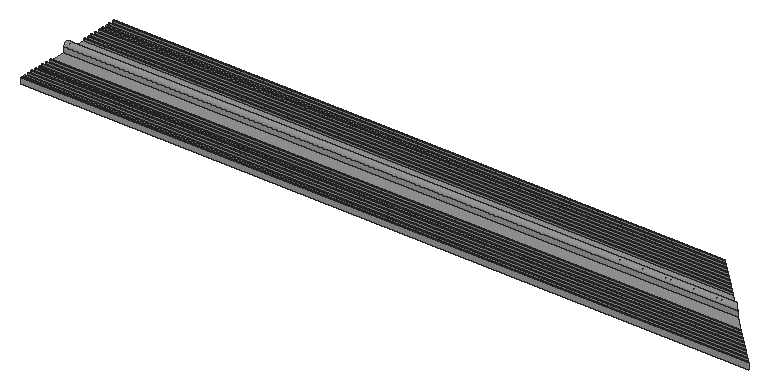
Revit family "PVC978_9 Inch Tearweb PVC Waterstop", category Specialty Equipment, Revit 2019
Family settings
  Round Connector Dimension = Use Diameter
  Part Type = Normal
  OmniClass Number = 23.10.00.00
  OmniClass Title = Site Products
  Cut with Voids When Loaded = No
  Shared = No
  Room Calculation Point = No
Parameters (values of type "PVC978 - Horizontal")
  z_Vertical = no
  z_Left Cut Distance [instance] = if([Left Cut 45° Tee-Cross], 0.00", 3.00")  # 3.00"
  z_Horizontal = yes
  z_Distance 3 [instance] = if(Ellbow Cut, 4.00", 15.00")  # 4.00"
  z_Distance 2 [instance] = if(and(Corner Cut, z_Vertical), 0.44", 5.00")  # 5.00"
  z_Distance 1 [instance] = if([Right Cut 45° Tee-Cross], 5.00", 10.00")  # 10.00"
  z_Distance [instance] = if([Left Cut 45° Tee-Cross], 5.00", 10.00")  # 10.00"
  z_Cut Distance [instance] = if(z_Distance 2 = 0.44", 0.44", 0.00")  # 0.00"
  Width = 9.00"
  Weight = "1.2 lbs/lft"
  URL = "https://www.jpspecialties.com/"
  z_Right Cut Distance [instance] = if([Right Cut 45° Tee-Cross], 0.00", 3.00")  # 3.00"
  Telephone = "951-763-7077"
  Right Cut 45° Tee-Cross [instance] = no
  Product data url = "www.bimmodeller.com/jpspecialties/products/Polyvinyl-Chloride-PVC-Waterstop"
  Product Material = JP Specialties - Polyvinyl Chloride (PVC)
  Product Guid = "27e5cdcc-cece-4d8c-947d-ca6b8ef269ba"  # constant formula
  NOTE [instance] = "Elbow Cut and Tee-Cross cuts cannot be checked at the same time"  # constant formula
  Model = "PVC978"
  Materials = PVC
  Manufacturer = "J P Specialties Inc."  # constant formula
  built-in parameter 1001306 [instance] = 48.00"
  Left Cut 45° Tee-Cross [instance] = no
  z_Ellbow Cut Distance [instance] = if(Ellbow Cut, 0.00", 3.00")  # 0.00"
  z_Ellbow Cut Sweep Distance [instance] = if(Ellbow Cut, 3.00", 0.00")  # 3.00"
  Hydrophobic = "Yes"
  Hydrophilic = "No"
  Height = 0.88"
  Ellbow Cut [instance] = yes
  Keynote = "13000"
  Edition number = 1
  Description = "PVC978 is 9\" x 3/16\" x 50' Earth Shield PVC tearweb waterstop."
  Corner Cut [instance] = no
  Certifications = "NSF 61, NSF 372, CRD C-572-74, ASTM D558"
  Assembly Code = "F1030"
Types (2): name | z_Vertical | z_Horizontal
  PVC978 - Horizontal | no | yes
  PVC978 - Vertical | yes | no
Reference planes (in)
  plane 1 "Center (Front/Back)": y = 0
  plane 2: z = 0
  plane 3 "Left": x = 0
  plane 4 "Right": x = 48
  plane 5: y = 3
  plane 6: y = -3
  plane 7: z = -1
  plane 8: z = 10
  plane 9: z = -10
  plane 10: x = 51
  plane 11: z = 4
  plane 12: x = -5
  plane 13: x = 0
  plane 14: y = 4.75
Forms (in)
  Extrusion 1, void
    sketch origin (0, 0, 0) x (1, 0, 0) y (0, 1, 0)
      loop
        line (48, 0) -> (48, 4.75) -> (43.25, 4.75) -> (48, 0)
    from 2 to 12
  Extrusion 2, void
    sketch origin (0, 0, 0) x (1, 0, 0) y (0, 1, 0)
      loop
        line (51, -4.51845) -> (51, 4.75) -> (41.73155, 4.75) -> (51, -4.51845)
    from -1 to 12
  Extrusion 3, void
    sketch origin (0, 0, 0) x (1, 0, 0) y (0, 1, 0)
      loop
        line (51, 0) -> (43.5, -7.5) -> (51, -7.5) -> (51, 0)
    from 2 to 12
  Extrusion 4, void
    sketch origin (0, 0, 0) x (1, 0, 0) y (0, 0, 1)
      loop
        line (48, 5.05025) -> (48, 10) -> (43.05025, 10) -> (48, 5.05025)
    from -8.21469 to 12
  Extrusion 5, void
    sketch origin (0, 0, 0) x (1, 0, 0) y (0, 0, 1)
      loop
        line (48, -5) -> (43, -10) -> (48, -10) -> (48, -5)
    from -8.21469 to 12
  Extrusion 6, void
    sketch origin (0, 0, 0) x (1, 0, 0) y (0, 0, 1)
      loop
        line (51, 4.625) -> (41.625, -4.75) -> (51, -4.75) -> (51, 4.625)
    from -8.21469 to 12
  Extrusion 7, void
    sketch origin (0, 0, 0) x (1, 0, 0) y (0, 1, 0)
      loop
        line (-5, -4.5025) -> (4.2525, 4.75) -> (-5, 4.75) -> (-5, -4.5025)
    from -8.14882 to 12
  Sweep 8, solid, material "PVC" <- "Materials", visible <- "z_Horizontal"
    path origin (0, 0, 0) x (1, 0, 0) y (0, 1, 0)
      loop
        line (-5, 0.00016) -> (51, 0.00016)
    profile "PVC978 : PVC978" origin (23, 0.00016, 0) x (0, 1, 0) y (0, 0, 1)
      loop
        line (-4.5, 0.21875) -> (-4.5, -0.21875) -> (-4.4, -0.21875) -> (-4.4, -0.09375) -> (-4.15, -0.09375) -> (-4.15, -0.21875) -> (-4.05, -0.21875) -> (-4.05, -0.09375) -> (-3.8, -0.09375) -> (-3.8, -0.21875) -> (-3.7, -0.21875) -> (-3.7, -0.09375) -> (-3.45, -0.09375) -> (-3.45, -0.21875) -> (-3.35, -0.21875) -> (-3.35, -0.09375) -> (-3.1, -0.09375) -> (-3.1, -0.21875) -> (-3, -0.21875) -> (-3, -0.09375) -> (-2.75, -0.09375) -> (-2.75, -0.21875) -> (-2.65, -0.21875) -> (-2.65, -0.09375) -> (-2.4, -0.09375) -> (-2.4, -0.21875) -> (-2.3, -0.21875) -> (-2.3, -0.09375) -> (-2.05, -0.09375) -> (-2.05, -0.21875) -> (-1.95, -0.21875) -> (-1.95, -0.09375) -> (-1.7, -0.09375) -> (-1.7, -0.21875) -> (-1.6, -0.21875) -> (-1.6, -0.09375) -> (1.6, -0.09375) -> (1.6, -0.21875) -> (1.7, -0.21875) -> (1.7, -0.09375) -> (1.95, -0.09375) -> (1.95, -0.21875) -> (2.05, -0.21875) -> (2.05, -0.09375) -> (2.3, -0.09375) -> (2.3, -0.21875) -> (2.4, -0.21875) -> (2.4, -0.09375) -> (2.65, -0.09375) -> (2.65, -0.21875) -> (2.75, -0.21875) -> (2.75, -0.09375) -> (3, -0.09375) -> (3, -0.21875) -> (3.1, -0.21875) -> (3.1, -0.09375) -> (3.35, -0.09375) -> (3.35, -0.21875) -> (3.45, -0.21875) -> (3.45, -0.09375) -> (3.7, -0.09375) -> (3.7, -0.21875) -> (3.8, -0.21875) -> (3.8, -0.09375) -> (4.05, -0.09375) -> (4.05, -0.21875) -> (4.15, -0.21875) -> (4.15, -0.09375) -> (4.4, -0.09375) -> (4.4, -0.21875) -> (4.5, -0.21875) -> (4.5, 0.21875) -> (4.4, 0.21875) -> (4.4, 0.09375) -> (4.15, 0.09375) -> (4.15, 0.21875) -> (4.05, 0.21875) -> (4.05, 0.09375) -> (3.8, 0.09375) -> (3.8, 0.21875) -> (3.7, 0.21875) -> (3.7, 0.09375) -> (3.45, 0.09375) -> (3.45, 0.21875) -> (3.35, 0.21875) -> (3.35, 0.09375) -> (3.1, 0.09375) -> (3.1, 0.21875) -> (3, 0.21875) -> (3, 0.09375) -> (2.75, 0.09375) -> (2.75, 0.21875) -> (2.65, 0.21875) -> (2.65, 0.09375) -> (2.4, 0.09375) -> (2.4, 0.21875) -> (2.3, 0.21875) -> (2.3, 0.09375) -> (2.05, 0.09375) -> (2.05, 0.21875) -> (1.95, 0.21875) -> (1.95, 0.09375) -> (1.7, 0.09375) -> (1.7, 0.21875) -> (1.6, 0.21875) -> (1.6, 0.09375) -> (0.28125, 0.09375) -> (0.28125, 0.5)
        arc (0.28125, 0.5) -> (0, 0.78125) -> (-0.28125, 0.5) r 0.28125
        line (-0.28125, 0.5) -> (-0.28125, 0.09375) -> (-1.6, 0.09375) -> (-1.6, 0.21875) -> (-1.7, 0.21875) -> (-1.7, 0.09375) -> (-1.95, 0.09375) -> (-1.95, 0.21875) -> (-2.05, 0.21875) -> (-2.05, 0.09375) -> (-2.3, 0.09375) -> (-2.3, 0.21875) -> (-2.4, 0.21875) -> (-2.4, 0.09375) -> (-2.65, 0.09375) -> (-2.65, 0.21875) -> (-2.75, 0.21875) -> (-2.75, 0.09375) -> (-3, 0.09375) -> (-3, 0.21875) -> (-3.1, 0.21875) -> (-3.1, 0.09375) -> (-3.35, 0.09375) -> (-3.35, 0.21875) -> (-3.45, 0.21875) -> (-3.45, 0.09375) -> (-3.7, 0.09375) -> (-3.7, 0.21875) -> (-3.8, 0.21875) -> (-3.8, 0.09375) -> (-4.05, 0.09375) -> (-4.05, 0.21875) -> (-4.15, 0.21875) -> (-4.15, 0.09375) -> (-4.4, 0.09375) -> (-4.4, 0.21875) -> (-4.5, 0.21875)
      loop
        line (-0.09375, -0.07813) -> (0.09375, -0.07813) -> (0.09375, 0.50254)
        arc (0.09375, 0.50254) -> (0, 0.59629) -> (-0.09375, 0.50254) r 0.09375
        line (-0.09375, 0.50254) -> (-0.09375, -0.07813)
  Sweep 9, solid, material "PVC" <- "Materials", visible <- "z_Vertical"
    path origin (0, 0, 0) x (1, 0, 0) y (0, 1, 0)
      loop
        line (-5, 0) -> (51, 0)
    profile "PVC978 : PVC978" origin (23, 0, 0) x (0, 1, 0) y (0, 0, 1)
      loop
        line (0.21877, 4.50043) -> (-0.21873, 4.50039) -> (-0.21872, 4.40039) -> (-0.09372, 4.4004) -> (-0.0937, 4.1504) -> (-0.2187, 4.15039) -> (-0.21869, 4.05039) -> (-0.09369, 4.0504) -> (-0.09367, 3.8004) -> (-0.21867, 3.80039) -> (-0.21866, 3.70039) -> (-0.09366, 3.7004) -> (-0.09364, 3.4504) -> (-0.21864, 3.45039) -> (-0.21863, 3.35039) -> (-0.09363, 3.3504) -> (-0.09361, 3.1004) -> (-0.21861, 3.10039) -> (-0.2186, 3.00039) -> (-0.0936, 3.0004) -> (-0.09358, 2.7504) -> (-0.21858, 2.75039) -> (-0.21857, 2.65039) -> (-0.09357, 2.6504) -> (-0.09355, 2.4004) -> (-0.21855, 2.40039) -> (-0.21854, 2.30039) -> (-0.09354, 2.3004) -> (-0.09352, 2.0504) -> (-0.21852, 2.05039) -> (-0.21851, 1.95039) -> (-0.09351, 1.9504) -> (-0.09349, 1.7004) -> (-0.21849, 1.70039) -> (-0.21848, 1.60039) -> (-0.09348, 1.6004) -> (-0.0932, -1.5996) -> (-0.2182, -1.59961) -> (-0.21819, -1.69961) -> (-0.09319, -1.6996) -> (-0.09317, -1.9496) -> (-0.21817, -1.94961) -> (-0.21816, -2.04961) -> (-0.09316, -2.0496) -> (-0.09314, -2.2996) -> (-0.21814, -2.29961) -> (-0.21813, -2.39961) -> (-0.09313, -2.3996) -> (-0.09311, -2.6496) -> (-0.21811, -2.64961) -> (-0.2181, -2.74961) -> (-0.0931, -2.7496) -> (-0.09308, -2.9996) -> (-0.21808, -2.99961) -> (-0.21807, -3.09961) -> (-0.09307, -3.0996) -> (-0.09305, -3.3496) -> (-0.21805, -3.34961) -> (-0.21804, -3.44961) -> (-0.09304, -3.4496) -> (-0.09302, -3.6996) -> (-0.21802, -3.69961) -> (-0.21801, -3.79961) -> (-0.09301, -3.7996) -> (-0.09299, -4.0496) -> (-0.21799, -4.04961) -> (-0.21798, -4.14961) -> (-0.09298, -4.1496) -> (-0.09296, -4.3996) -> (-0.21796, -4.39961) -> (-0.21795, -4.49961) -> (0.21955, -4.49957) -> (0.21954, -4.39957) -> (0.09454, -4.39958) -> (0.09452, -4.14958) -> (0.21952, -4.14957) -> (0.21951, -4.04957) -> (0.09451, -4.04958) -> (0.09449, -3.79958) -> (0.21949, -3.79957) -> (0.21948, -3.69957) -> (0.09448, -3.69958) -> (0.09446, -3.44958) -> (0.21946, -3.44957) -> (0.21945, -3.34957) -> (0.09445, -3.34958) -> (0.09443, -3.09958) -> (0.21943, -3.09957) -> (0.21942, -2.99957) -> (0.09442, -2.99958) -> (0.0944, -2.74958) -> (0.2194, -2.74957) -> (0.21939, -2.64957) -> (0.09439, -2.64958) -> (0.09437, -2.39958) -> (0.21937, -2.39957) -> (0.21936, -2.29957) -> (0.09436, -2.29958) -> (0.09434, -2.04958) -> (0.21934, -2.04957) -> (0.21933, -1.94957) -> (0.09433, -1.94958) -> (0.09431, -1.69958) -> (0.21931, -1.69957) -> (0.2193, -1.59957) -> (0.0943, -1.59958) -> (0.09418, -0.28083) -> (0.50043, -0.2808)
        arc (0.50043, -0.2808) -> (0.78166, 0.00048) -> (0.50039, 0.2817) r 0.28125
        line (0.50039, 0.2817) -> (0.09414, 0.28167) -> (0.09402, 1.60042) -> (0.21902, 1.60043) -> (0.21901, 1.70043) -> (0.09401, 1.70042) -> (0.09399, 1.95042) -> (0.21899, 1.95043) -> (0.21898, 2.05043) -> (0.09398, 2.05042) -> (0.09396, 2.30042) -> (0.21896, 2.30043) -> (0.21895, 2.40043) -> (0.09395, 2.40042) -> (0.09393, 2.65042) -> (0.21893, 2.65043) -> (0.21892, 2.75043) -> (0.09392, 2.75042) -> (0.0939, 3.00042) -> (0.2189, 3.00043) -> (0.21889, 3.10043) -> (0.09389, 3.10042) -> (0.09387, 3.35042) -> (0.21887, 3.35043) -> (0.21886, 3.45043) -> (0.09386, 3.45042) -> (0.09384, 3.70042) -> (0.21884, 3.70043) -> (0.21883, 3.80043) -> (0.09383, 3.80042) -> (0.09381, 4.05042) -> (0.21881, 4.05043) -> (0.2188, 4.15043) -> (0.0938, 4.15042) -> (0.09378, 4.40042) -> (0.21878, 4.40043) -> (0.21877, 4.50043)
      loop
        line (-0.07772, 0.09415) -> (-0.07771, -0.09335) -> (0.50295, -0.0933)
        arc (0.50295, -0.0933) -> (0.5967, 0.00046) -> (0.50294, 0.0942) r 0.09375
        line (0.50294, 0.0942) -> (-0.07772, 0.09415)
Cuts and joins
  Extrusion 1, Extrusion 2, Extrusion 3 cuts Sweep 8
  Extrusion 4, Extrusion 5, Extrusion 6 cuts Sweep 9
Lines and regions (in)
  reference lines
    curve 1: line (0, 0, 0) -> (48, 0, 0)
Dimensions and locks (in)
  "built-in parameter 1001306": plane 3 "Left" to plane 4 "Right"
  equal spacing: plane 5, plane 1 "Center (Front/Back)", plane 6
  locked: plane 5 to plane 6 at 6
  locked: Extrusion 1 sketch curve to plane 4 "Right" at 4.75
  locked: plane 2 to plane 7 at 1
  "z_Left Cut Distance": Extrusion 1 to plane 7
  locked: Extrusion 2 sketch curve to plane 4 "Right" at 6.26845
  locked: Extrusion 2 sketch curve to plane 5 at 7.51845
  "z_Ellbow Cut Distance": Extrusion 2 to plane 7
  locked: plane 4 "Right" to Extrusion 2 sketch curve at 3
  locked: Extrusion 3 sketch curve to plane 4 "Right" at 4.5
  locked: plane 6 to Extrusion 3 sketch curve at 3
  "z_Right Cut Distance": Extrusion 3 to plane 7
  "z_Distance": plane 8 to plane 2
  locked: plane 8 to Extrusion 4 sketch curve at 4.94975
  "z_Distance 1": plane 2 to plane 9
  locked: Extrusion 5 sketch curve to plane 9 at 5
  "z_Ellbow Cut Sweep Distance": plane 10 to plane 4 "Right"
  "z_Distance 3": plane 11 to plane 2
  "z_Distance 2": plane 12 to plane 3 "Left"
  locked: plane 1 "Center (Front/Back)" to Extrusion 7 sketch curve at 4.75
  "z_Cut Distance": plane 13 to plane 3 "Left"
  locked: plane 12 to Extrusion 7 sketch curve at 9.2525
  locked: plane 5 to plane 14 at 1.75
  Extrusion 6 sketch curve to plane 11 to Extrusion 6 sketch curve = 0.625" locked, 8.75" locked
  plane 10 to Extrusion 6 sketch curve = 9.375"
  locked: plane 4 "Right" to Extrusion 1 sketch curve (angle 45.00°)
  locked: plane 4 "Right" to Extrusion 2 sketch curve (angle 45.00°)
  locked: Extrusion 3 sketch curve to plane 4 "Right" (angle 45.00°)
  locked: plane 4 "Right" to Extrusion 4 sketch curve (angle 45.00°)
  angle Extrusion 5 sketch curve to plane 4 "Right" = 45.00°
  locked: Extrusion 6 sketch curve to Extrusion 6 sketch curve (angle 45.00°)
  locked: Extrusion 7 sketch curve to plane 12 (angle 45.00°)
  aligned and locked: plane 4 "Right" to curve 1
  aligned and locked: plane 1 "Center (Front/Back)" to curve 1
  aligned and locked: plane 3 "Left" to curve 1
  aligned and locked: level to plane 2
  aligned and locked: Extrusion 1 sketch curve to plane 4 "Right"
  aligned and locked: plane 1 "Center (Front/Back)" to Extrusion 1 sketch curve
  aligned and locked: Extrusion 4 sketch curve to plane 8
  aligned and locked: Extrusion 4 sketch curve to plane 4 "Right"
  aligned and locked: plane 4 "Right" to Extrusion 5 sketch curve  (x2)
  aligned and locked: plane 9 to Extrusion 5 sketch curve
  aligned and locked: plane 10 to Extrusion 6 sketch curve
  aligned and locked: plane 12 to Sweep 8 sketch curve
  aligned and locked: plane 10 to Sweep 8 sketch curve
  aligned and locked: plane 10 to Extrusion 3 sketch curve
  aligned and locked: plane 14 to Extrusion 1 sketch curve
  aligned and locked: plane 12 to Sweep 9 sketch curve
  aligned and locked: plane 1 "Center (Front/Back)" to Sweep 9 sketch curve
  aligned and locked: plane 10 to Sweep 9 sketch curve
  aligned and locked: plane 12 to Extrusion 7 sketch curve
Automatic sketch dimensions
  Sweep 8 sketch curve to plane 1 "Center (Front/Back)" = 0.00016"
